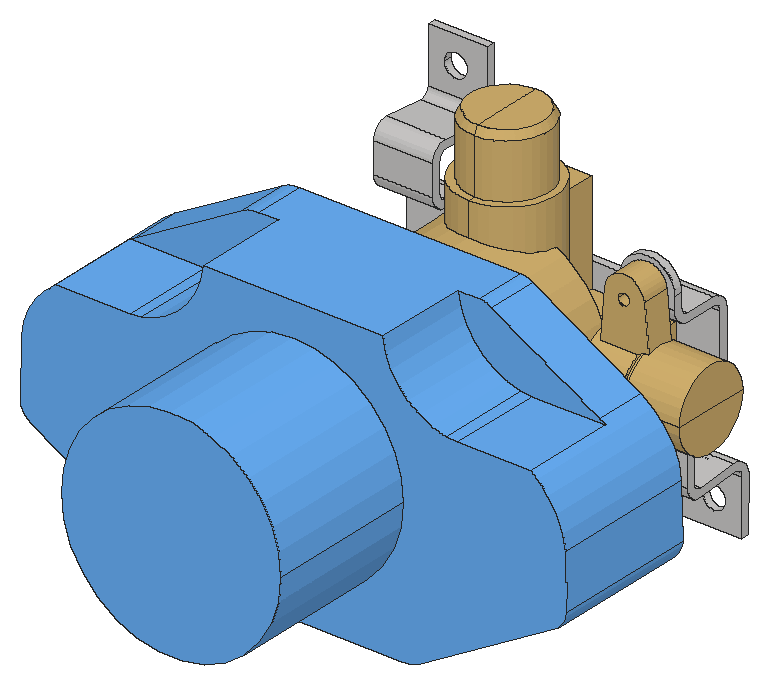
Revit family "Rough_In_Valve-GROHE-Grohsafe-35066001", category Pipe Accessories, Revit 2014
Parameters (values of type "35066001")
  Width = 4 1/8"
  Waste Connection = no
  Warranty Information = "Limited Lifetime Warranty"
  WFU = 4
  Vent Connection = no
  URL = "https://www.grohe.us"
  Tempered Water Connection Diameter = 1/2"
  Product Page URL = "https://www.grohe.us/en_us/universal-pressure-balance-rough-in-valve-35066001.html"
  Price = "Prices may vary. Please consult Manufacturer Representative for most up-to-date price list."  # constant formula
  Model = "35066001"
  Material = "Copper-Grohe-000-Brass"
  Manufacturer = "GROHE"
  Installation Type = "Wall Installation"
  IAPMO Compliance = "cUPC"
  Hot Water Connection Diameter = 1/2"
  Height = 4 3/16"
  HWFU = 3
  HW Connection = yes
  Flow Rate = "(top port) 5.5 gpm at 45 psi (21 l/min), (bottom port) 5.8 gpm at 45 psi (22 l/min)"
  Description = "Grohsafe Universal Pressure Balance Rough-In valve"
  Default Elevation = 0"
  Creation Date = "2017/05/23"  # constant formula
  Cold Water Connection Radius = 1/4"
  Cold Water Connection Diameter = Cold Water Connection Radius * 2  # 1/2"
  CWFU = 2
  CW Connection = yes
  Assembly Code = "D2020"
Reference planes (in)
  plane 1 "Center (Front/Back)": y = 0
  plane 2: z = 0
  plane 3 "Center (Left/Right)": x = 0
  plane 4: z = 1.59375
  plane 5: z = -1.84375
  plane 6: x = -3.65625
  plane 7: x = 3.65625
Forms (in)
  Revolve 1, solid, material "Copper-Grohe-000-Brass"
    sketch origin (0, 0, 0) x (1, 0, 0) y (0, 1, 0)
      loop
        line (-2.06252, 0) -> (2.06252, 0) -> (2.06252, 0.39813) -> (1.50822, 0.39813)
        arc (1.50822, 0.39813) -> (1.49196, 0.39591) -> (1.47689, 0.38944) r 0.06083
        line (1.47689, 0.38944) -> (1.44142, 0.36813) -> (-1.44142, 0.36813) -> (-1.47689, 0.38944)
        arc (-1.47689, 0.38944) -> (-1.49196, 0.39591) -> (-1.50822, 0.39813) r 0.06083
        line (-1.50822, 0.39813) -> (-2.06252, 0.39813) -> (-2.06252, 0)
      axis (2.06252, 0) -> (-2.06252, 0)
    angle from 0 to 360
  Revolve 2, solid, material "Copper-Grohe-000-Brass"
    sketch origin (0, 0, 0) x (0, 1, 0) y (0, 0, 1)
      loop
        line (-0.36751, 2.01413) -> (-0.41293, 1.93546) -> (-0.41293, 1.38186) -> (-0.49152, 1.38186) -> (-0.49152, -1.38186) -> (-0.41293, -1.38186) -> (-0.41293, -1.93546) -> (-0.36751, -2.01413)
        arc (-0.36751, -2.01413) -> (-0.37169, -2.06656) -> (-0.32884, -2.09707) r 0.05332
        line (-0.32884, -2.09707) -> (0, -2.09707) -> (0, 2.01413) -> (-0.36751, 2.01413)
      axis (0, 2.01413) -> (0, -2.09707)
    angle from 0 to 360
  Extrusion 3, solid, material "Copper-Grohe-000-Brass"
    sketch origin (0, 0, 0) x (1, 0, 0) y (0, 0, 1)
      loop
        line (1.1942, 0.20761) -> (0.34261, 0.20761) -> (0.34261, 1.23355) -> (-0.34261, 1.23355) -> (-0.34261, 0.19877) -> (-1.2413, 0.19877) -> (-1.2413, -0.19318) -> (-0.34261, -0.19318) -> (-0.34261, -1.23355) -> (0.34261, -1.23355) -> (0.34261, -0.20202) -> (1.1942, -0.20202) -> (1.1942, 0.20761)
    from -0.63942 to -0.03594
  Extrusion 4, solid, material "Copper-Grohe-000-Brass"
    sketch origin (0, 0, 0) x (1, 0, 0) y (0, 0, 1)
      loop
        line (1.0315, 0) -> (1.57873, 0) -> (1.50598, 0.83147)
        arc (1.50598, 0.83147) -> (1.30511, 1.01553) -> (1.10424, 0.83147) r 0.20164
        line (1.10424, 0.83147) -> (1.0315, 0)
      loop
        circle (1.30326, 0.78986) r 0.05924
      loop
        line (-1.0315, 0) -> (-1.57873, 0) -> (-1.50598, -0.83147)
        arc (-1.50598, -0.83147) -> (-1.30511, -1.01553) -> (-1.10424, -0.83147) r 0.20164
        line (-1.10424, -0.83147) -> (-1.0315, 0)
      loop
        circle (-1.30326, -0.78986) r 0.05924
    from -0.13676 to 0.14667
  Extrusion 5, solid, material "Copper-Grohe-000-Brass"
    sketch origin (0, 0, 0) x (1, 0, 0) y (0, 0, 1)
      loop
        circle (0, 0) r 1.04162
    from 0 to 1.2403
  Extrusion 6, solid, material "Plastic-GROHE-Blue"
    sketch origin (0, 0, 0) x (1, 0, 0) y (0, 0, 1)
      loop
        arc (-1.10453, 1.4415) -> (-1.19275, 1.42989) -> (-1.27496, 1.39584) r 0.34087
        line (-1.27496, 1.39584) -> (-2.35789, 0.77061)
        arc (-2.35789, 0.77061) -> (-2.62889, 0.51251) -> (-2.75191, 0.15906) r 0.7956
        arc (-2.75191, 0.15906) -> (-2.76924, -0.13193) -> (-2.76441, -0.42339) r 3.834
        arc (-2.76441, -0.42339) -> (-2.73303, -0.524) -> (-2.65758, -0.59759) r 0.21487
        line (-2.65758, -0.59759) -> (-1.296, -1.38645)
        arc (-1.296, -1.38645) -> (-1.19721, -1.42751) -> (-1.09115, -1.44151) r 0.40863
        line (-1.09115, -1.44151) -> (1.10204, -1.44151)
        arc (1.10204, -1.44151) -> (1.19758, -1.42889) -> (1.28657, -1.39192) r 0.36809
        line (1.28657, -1.39192) -> (2.65034, -0.60178)
        arc (2.65034, -0.60178) -> (2.73135, -0.52268) -> (2.76488, -0.41452) r 0.23033
        arc (2.76488, -0.41452) -> (2.7694, -0.14012) -> (2.75428, 0.1339) r 3.834
        arc (2.75428, 0.1339) -> (2.62627, 0.50764) -> (2.34065, 0.78056) r 0.83416
        line (2.34065, 0.78056) -> (1.255, 1.40736)
        arc (1.255, 1.40736) -> (1.19354, 1.43282) -> (1.12757, 1.4415) r 0.25486
        line (1.12757, 1.4415) -> (-1.10453, 1.4415)
    from 1.2403 to 2.70549
  Extrusion 7, solid, material "Plastic-GROHE-Blue"
    sketch origin (0, 0, 0) x (1, 0, 0) y (0, 0, 1)
      loop
        circle (0, 0) r 1.10978
    from 1.56952 to 4.25191
  Extrusion 8, void
    sketch origin (0, 0, -0.03125) x (1, 0, 0) y (0, 0, 1)
      loop
        line (-0.92332, 1.74104) -> (-2.5331, 0.77379) -> (-1.65337, 0.77379)
        arc (-1.65337, 0.77379) -> (-1.59803, 0.77636) -> (-1.54316, 0.78407) r 0.59589
        arc (-1.54316, 0.78407) -> (-1.02811, 1.12969) -> (-0.92332, 1.74104) r 0.7871
      loop
        arc (0.92332, 1.74104) -> (1.02811, 1.12969) -> (1.54316, 0.78407) r 0.7871
        arc (1.54316, 0.78407) -> (1.59803, 0.77636) -> (1.65337, 0.77379) r 0.59589
        line (1.65337, 0.77379) -> (2.5331, 0.77379) -> (0.92332, 1.74104)
    from 1.75834 to 4.27974
  Extrusion 9, solid, material "Metal-Grohe-Stainless Steel"
    sketch origin (0, 0, 0) x (0, 1, 0) y (0, 0, 1)
      loop
        line (1.06607, 1.77717) -> (0.98709, 1.77717) -> (0.98709, 1.2166)
        arc (0.98709, 1.2166) -> (0.95965, 1.15426) -> (0.89515, 1.13236) r 0.08456
        line (0.89515, 1.13236) -> (0.46153, 1.1703)
        arc (0.46153, 1.1703) -> (0.34537, 1.13087) -> (0.29596, 1.01858) r 0.15229
        line (0.29596, 1.01858) -> (0.29596, 0.71479)
        arc (0.29596, 0.71479) -> (0.34338, 0.60031) -> (0.45785, 0.5529) r 0.16189
        line (0.45785, 0.5529) -> (0.62062, 0.5529)
        arc (0.62062, 0.5529) -> (0.68427, 0.52653) -> (0.71064, 0.46288) r 0.09002
        line (0.71064, 0.46288) -> (0.71064, -0.41165)
        arc (0.71064, -0.41165) -> (0.68662, -0.46964) -> (0.62863, -0.49366) r 0.08201
        line (0.62863, -0.49366) -> (0.30351, -0.49366)
        arc (0.30351, -0.49366) -> (0.18647, -0.54214) -> (0.13799, -0.65918) r 0.16552
        line (0.13799, -0.65918) -> (0.13799, -1.10361) -> (0.21698, -1.10361) -> (0.21698, -0.65903)
        arc (0.21698, -0.65903) -> (0.24228, -0.59795) -> (0.30336, -0.57264) r 0.08638
        line (0.30336, -0.57264) -> (0.62928, -0.57264)
        arc (0.62928, -0.57264) -> (0.74266, -0.52568) -> (0.78962, -0.4123) r 0.16034
        line (0.78962, -0.4123) -> (0.78962, 0.46666)
        arc (0.78962, 0.46666) -> (0.74123, 0.58349) -> (0.6244, 0.63188) r 0.16523
        line (0.6244, 0.63188) -> (0.46355, 0.63188)
        arc (0.46355, 0.63188) -> (0.4009, 0.65784) -> (0.37495, 0.72049) r 0.0886
        line (0.37495, 0.72049) -> (0.37495, 1.0005)
        arc (0.37495, 1.0005) -> (0.40411, 1.06676) -> (0.47266, 1.09004) r 0.08988
        line (0.47266, 1.09004) -> (0.88712, 1.05378)
        arc (0.88712, 1.05378) -> (1.01267, 1.09639) -> (1.06607, 1.21775) r 0.1646
        line (1.06607, 1.21775) -> (1.06607, 1.77717)
    from -1.58752 to -0.98823
  Extrusion 10, void
    sketch origin (0, 0, 0) x (1, 0, 0) y (0, 0, 1)
      loop
        circle (-1.3064, 1.49797) r 0.12011
      loop
        arc (-0.95226, -0.38918) -> (-1.01461, -0.4442) -> (-1.02984, -0.52595) r 0.12765
        line (-1.02984, -0.52595) -> (-1.02984, -0.78877)
        arc (-1.02984, -0.78877) -> (-1.30868, -1.06761) -> (-1.58752, -0.78877) r 0.27884
        line (-1.58752, -0.78877) -> (-1.58752, -0.54197) -> (-1.68319, -0.54197) -> (-1.68319, -1.16213) -> (-0.95226, -1.16213) -> (-0.95226, -0.38918)
      loop
        circle (-1.30326, -0.78986) r 0.15672
    from -1.33329 to -0.06554
  Extrusion 11, solid, material "Metal-Grohe-Stainless Steel"
    sketch origin (0, 0, 0) x (0, 1, 0) y (0, 0, -1)
      loop
        line (1.06607, 1.77717) -> (0.98709, 1.77717) -> (0.98709, 1.2166)
        arc (0.98709, 1.2166) -> (0.95965, 1.15426) -> (0.89515, 1.13236) r 0.08456
        line (0.89515, 1.13236) -> (0.46153, 1.1703)
        arc (0.46153, 1.1703) -> (0.34537, 1.13087) -> (0.29596, 1.01858) r 0.15229
        line (0.29596, 1.01858) -> (0.29596, 0.71479)
        arc (0.29596, 0.71479) -> (0.34338, 0.60031) -> (0.45785, 0.5529) r 0.16189
        line (0.45785, 0.5529) -> (0.62062, 0.5529)
        arc (0.62062, 0.5529) -> (0.68427, 0.52653) -> (0.71064, 0.46288) r 0.09002
        line (0.71064, 0.46288) -> (0.71064, -0.41165)
        arc (0.71064, -0.41165) -> (0.68662, -0.46964) -> (0.62863, -0.49366) r 0.08201
        line (0.62863, -0.49366) -> (0.30351, -0.49366)
        arc (0.30351, -0.49366) -> (0.18647, -0.54214) -> (0.13799, -0.65918) r 0.16552
        line (0.13799, -0.65918) -> (0.13799, -1.10361) -> (0.21698, -1.10361) -> (0.21698, -0.65903)
        arc (0.21698, -0.65903) -> (0.24228, -0.59795) -> (0.30336, -0.57264) r 0.08638
        line (0.30336, -0.57264) -> (0.62928, -0.57264)
        arc (0.62928, -0.57264) -> (0.74266, -0.52568) -> (0.78962, -0.4123) r 0.16034
        line (0.78962, -0.4123) -> (0.78962, 0.46666)
        arc (0.78962, 0.46666) -> (0.74123, 0.58349) -> (0.6244, 0.63188) r 0.16523
        line (0.6244, 0.63188) -> (0.46355, 0.63188)
        arc (0.46355, 0.63188) -> (0.4009, 0.65784) -> (0.37495, 0.72049) r 0.0886
        line (0.37495, 0.72049) -> (0.37495, 1.0005)
        arc (0.37495, 1.0005) -> (0.40411, 1.06676) -> (0.47266, 1.09004) r 0.08988
        line (0.47266, 1.09004) -> (0.88712, 1.05378)
        arc (0.88712, 1.05378) -> (1.01267, 1.09639) -> (1.06607, 1.21775) r 0.1646
        line (1.06607, 1.21775) -> (1.06607, 1.77717)
    from -1.58752 to -0.98823
  Extrusion 12, void
    sketch origin (0, 0, 0) x (-1, 0, 0) y (0, 0, -1)
      loop
        circle (-1.3064, 1.49797) r 0.12011
      loop
        arc (-0.95226, -0.38918) -> (-1.01461, -0.4442) -> (-1.02984, -0.52595) r 0.12765
        line (-1.02984, -0.52595) -> (-1.02984, -0.78877)
        arc (-1.02984, -0.78877) -> (-1.30868, -1.06761) -> (-1.58752, -0.78877) r 0.27884
        line (-1.58752, -0.78877) -> (-1.58752, -0.54197) -> (-1.68319, -0.54197) -> (-1.68319, -1.16213) -> (-0.95226, -1.16213) -> (-0.95226, -0.38918)
      loop
        circle (-1.30326, -0.78986) r 0.15672
    from -1.33329 to -0.06554
  Extrusion 13, solid, material "Metal-Grohe-Stainless Steel"
    sketch origin (0, 0, 0) x (1, 0, 0) y (0, 0, 1)
      loop
        line (1.08831, 0.41165) -> (-1.07848, 0.41165) -> (-1.07848, -0.41165) -> (1.08831, -0.41165) -> (1.08831, 0.41165)
    from -0.78962 to -0.71064
Cuts and joins
  Extrusion 8, Extrusion 10 cuts Extrusion 6
  Extrusion 10 cuts Extrusion 7
  joined: Extrusion 6, Extrusion 7
  Extrusion 8 cuts Revolve 1
  Extrusion 8, Extrusion 12 cuts Revolve 2
  Extrusion 8, Extrusion 12 cuts Extrusion 4
  Extrusion 10 cuts Extrusion 5
  joined: Revolve 1, Revolve 2, Extrusion 4, Extrusion 5
  Extrusion 10, Extrusion 12 cuts Extrusion 9
  Extrusion 12 cuts Extrusion 11
  joined: Extrusion 9, Extrusion 11, Extrusion 13
  Extrusion 8, Extrusion 12 cuts Extrusion 3
Lines and regions (in)
  Masking region 1
    outline origin (0, 0, 0) x (1, 0, 0) y (0, 1, 0)
      loop
        line (-2.77012, -2.70549) -> (-1.10978, -2.70549) -> (-1.10978, -4.25191) -> (1.10978, -4.25191) -> (1.10978, -2.70549) -> (2.77012, -2.70549) -> (2.77012, -1.2403) -> (1.04162, -1.2403) -> (1.04162, -0.36813) -> (1.44142, -0.36813) -> (1.49766, -0.39813) -> (2.06252, -0.39813) -> (2.06252, 0.39813) -> (1.58752, 0.39813) -> (1.58752, 1.06607) -> (0.98823, 1.06607) -> (0.98823, 0.78962) -> (-0.98823, 0.78962) -> (-0.98823, 1.06607) -> (-1.58752, 1.06607) -> (-1.58752, 0.39813) -> (-2.06252, 0.39813) -> (-2.06252, -0.39813) -> (-1.49766, -0.39813) -> (-1.44142, -0.36813) -> (-1.04162, -0.36813) -> (-1.04162, -1.2403) -> (-2.77012, -1.2403) -> (-2.77012, -2.70549)
  symbolic lines, style "PlumbingFixtures", detail levels medium+fine
    curve 1: line (-1.04162, -1.2403, 0) -> (1.04162, -1.2403, 0)
    curve 2: line (2.05165, -1.2403, 0) -> (2.39129, -1.2403, 0)
    curve 3: line (-1.10978, -2.70549, 0) -> (1.10978, -2.70549, 0)
    curve 4: circle (0, 0, 0) r 0.49152 normal (0, 0, 1)
    curve 5: line (-1.58752, 0.63942, 0) -> (-0.98823, 0.63942, 0)
    curve 6: line (-0.98823, 0.63942, 0) -> (-0.98823, 0.71064, 0)
    curve 7: line (-0.98823, 0.71064, 0) -> (0.98823, 0.71064, 0)
    curve 8: line (0.98823, 0.30082, 0) -> (0.98823, 0.71064, 0)
    curve 9: line (1.53969, -0.14667, 0) -> (1.07054, -0.14667, 0)
    curve 10: line (1.07054, -0.14667, 0) -> (1.07054, 0.1384, 0)
    curve 11: line (1.07054, 0.1384, 0) -> (1.02984, 0.1384, 0)
    curve 12: line (1.02984, 0.1384, 0) -> (1.02984, 0.30082, 0)
    curve 13: line (1.02984, 0.30082, 0) -> (0.98823, 0.30082, 0)
    curve 14: line (1.53969, -0.14667, 0) -> (1.53969, 0.13764, 0)
    curve 15: line (1.53969, 0.13764, 0) -> (1.58752, 0.13764, 0)
    curve 16: line (1.58752, 0.13764, 0) -> (1.58752, 0.63942, 0)
    curve 17: line (-0.98823, 0.63942, 0) -> (0.98823, 0.63942, 0)
  symbolic lines, style "PlumbingFixtures", detail levels fine
    curve 18: line (-0.34261, 0.63942, 0) -> (-0.34261, 0.35244, 0)
    curve 19: line (-1.58752, 0.98709, 0) -> (-0.98823, 0.98709, 0)
    curve 20: line (0.98823, 0.98709, 0) -> (1.58752, 0.98709, 0)
    curve 21: line (1.02984, 0.21961, 0) -> (1.58752, 0.21961, 0)
    curve 22: line (1.07054, 0.1384, 0) -> (1.54148, 0.1384, 0)
    curve 23: line (-2.40297, -2.70549, 0) -> (-2.40297, -1.75834, 0)
    curve 24: line (-2.40297, -1.75834, 0) -> (-0.90623, -1.75834, 0)
    curve 25: line (-0.90623, -1.75834, 0) -> (-0.90623, -2.70549, 0)
    curve 26: circle (0, 0, 0) r 0.32884 normal (0, 0, 1)
    curve 27: circle (0, 0, 0) r 0.36751 normal (0, 0, 1)
    curve 28: line (0.34261, 0.63942, 0) -> (0.34261, 0.35244, 0)
    curve 29: line (2.40297, -2.70549, 0) -> (2.40297, -1.75834, 0)
    curve 30: line (2.40297, -1.75834, 0) -> (0.90623, -1.75834, 0)
    curve 31: line (0.90623, -1.75834, 0) -> (0.90623, -2.70549, 0)
    curve 32: line (-1.58752, 0.39813, 0) -> (-1.49996, 0.39813, 0)
    curve 33: line (-1.49996, 0.39813, 0) -> (-1.40331, 0.36295, 0)
    curve 34: line (-1.40331, 0.36295, 0) -> (-0.34261, 0.36295, 0)
    curve 35: line (0.98823, 0.36295, 0) -> (0.34261, 0.36295, 0)
    curve 36: line (-1.44142, -0.36813, 0) -> (-1.44142, 0.37682, 0)
    curve 37: line (1.44142, -0.36813, 0) -> (1.44142, -0.14667, 0)
Connectors (in)
  piping at (0, 0, 2.01413), diameter 0.5, driven by "Tempered Water Connection Diameter"
    settings: on cut or joined group of Revolve 1, Revolve 2, Extrusion 4, Extrusion 5, Extrusion 8, Extrusion 10, Extrusion 12, index 1, connector inside diameter 24", connector length 0", flow factor 0, pipe flow 0 GPM, pressure drop 0.00 psi, fitting loss kfactor 0, connector angle 0.00°, fixture units 0, engagement length 0", angle of deflection 0.00°, flow configuration 0, flow direction 2, fitting loss method 0, system type 29, joint type 0, gender type 0, connector reference index -1, connector utility 0, adjustable connector no, is connector primary yes, connector description "1/2\" NPT Supply Outlet"
  piping at (0, 0, -2.09707), diameter 0.5, driven by "Tempered Water Connection Diameter"
    settings: on cut or joined group of Revolve 1, Revolve 2, Extrusion 4, Extrusion 5, Extrusion 8, Extrusion 10, Extrusion 12, index 4, connector inside diameter 24", connector length 0", flow factor 0, pipe flow 0 GPM, pressure drop 0.00 psi, fitting loss kfactor 0, connector angle 0.00°, fixture units 0, engagement length 0", angle of deflection 0.00°, flow configuration 0, flow direction 2, fitting loss method 0, system type 29, joint type 0, gender type 0, connector reference index -1, connector utility 0, adjustable connector no, is connector primary no, connector description "1/2\" NPT Supply Outlet"
  piping at (2.06252, 0, 0), diameter 0.5, driven by "Cold Water Connection Diameter"
    settings: on cut or joined group of Revolve 1, Revolve 2, Extrusion 4, Extrusion 5, Extrusion 8, Extrusion 10, Extrusion 12, index 5, connector inside diameter 24", connector length 0", flow factor 0, pipe flow 0 GPM, pressure drop 0.00 psi, fitting loss kfactor 0, connector angle 0.00°, fixture units 0, engagement length 0", angle of deflection 0.00°, flow configuration 0, flow direction 1, fitting loss method 0, system type 20, joint type 0, gender type 0, connector reference index 6, connector utility 0, adjustable connector no, is connector primary no, connector description "1/2\" NPT CW Inlet"
  piping at (-2.06252, 0, 0), diameter 0.5, driven by "Hot Water Connection Diameter"
    settings: on cut or joined group of Revolve 1, Revolve 2, Extrusion 4, Extrusion 5, Extrusion 8, Extrusion 10, Extrusion 12, index 6, connector inside diameter 24", connector length 0", flow factor 0, pipe flow 0 GPM, pressure drop 0.00 psi, fitting loss kfactor 0, connector angle 0.00°, fixture units 0, engagement length 0", angle of deflection 0.00°, flow configuration 0, flow direction 1, fitting loss method 0, system type 19, joint type 0, gender type 0, connector reference index 5, connector utility 0, adjustable connector no, is connector primary no, connector description "1/2\" NPT HW Inlet"
